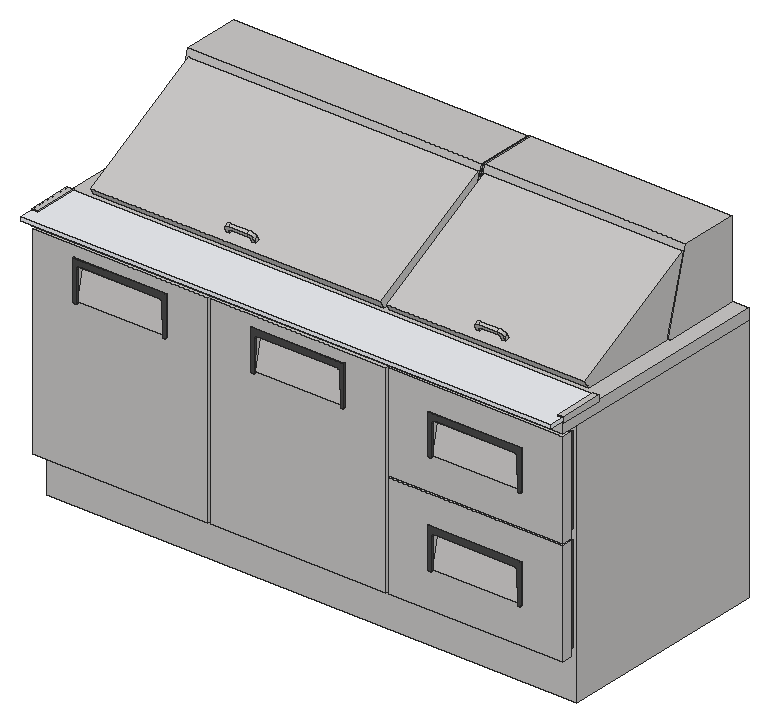
Revit family "QF_TRUE_TFP-72-30M-D-2", category Specialty Equipment, Revit 2012 (continued)
Automatic sketch dimensions
  Split face 20 sketch curve to Split face 20 sketch curve = 4 1/4"
  Split face 20 sketch curve to Extrusion 1 = 12 7/16"
  Split face 20 sketch curve to Split face 20 sketch curve = 1 1/4"
  Split face 21 sketch curve to Extrusion 1 = 1.47413"
  Split face 21 sketch curve to Split face 21 sketch curve = 4 1/4"
  Split face 21 sketch curve to Extrusion 1 = 13 15/16"
  Split face 21 sketch curve to Split face 21 sketch curve = 1 1/4"
  Split face 22 sketch curve to Extrusion 1 = 1.47413"
  Split face 22 sketch curve to Split face 22 sketch curve = 4 1/4"
  Split face 22 sketch curve to Extrusion 1 = 15 7/16"
  Split face 22 sketch curve to Split face 22 sketch curve = 1 1/4"
  Split face 23 sketch curve to Extrusion 1 = 1.47413"
  Split face 23 sketch curve to Split face 23 sketch curve = 4 1/4"
  Split face 23 sketch curve to Extrusion 1 = 16 15/16"
  Split face 23 sketch curve to Split face 23 sketch curve = 1 1/4"
  Split face 24 sketch curve to Extrusion 1 = 1.47413"
  Split face 24 sketch curve to Split face 24 sketch curve = 4 1/4"
  Split face 24 sketch curve to Extrusion 1 = 18 7/16"
  Split face 24 sketch curve to Split face 24 sketch curve = 1 1/4"
  Extrusion 11 sketch curve to Extrusion 2 = 0"  (x3)
  Extrusion 2 to Extrusion 11 sketch curve = 5/16"
  Extrusion 1 to Extrusion 13 sketch curve = 3.53427"
  Extrusion 1 to Extrusion 13 sketch curve = 3.84854"
  Split face 25 sketch curve to Extrusion 1 = 1.47413"
  Split face 25 sketch curve to Split face 25 sketch curve = 4 1/4"
  Split face 25 sketch curve to Extrusion 1 = 25 3/16"
  Split face 25 sketch curve to Split face 25 sketch curve = 1 1/4"
  Split face 26 sketch curve to Extrusion 1 = 1.47413"
  Split face 26 sketch curve to Split face 26 sketch curve = 4 1/4"
  Split face 26 sketch curve to Extrusion 1 = 26 11/16"
  Split face 26 sketch curve to Split face 26 sketch curve = 1 1/4"
  Split face 27 sketch curve to Extrusion 1 = 1.47413"
  Split face 27 sketch curve to Split face 27 sketch curve = 4 1/4"
  Split face 27 sketch curve to Extrusion 1 = 28 3/16"
  Split face 27 sketch curve to Split face 27 sketch curve = 1 1/4"
  Split face 28 sketch curve to Extrusion 1 = 1.47413"
  Split face 28 sketch curve to Split face 28 sketch curve = 4 1/4"
  Split face 28 sketch curve to Extrusion 1 = 29 11/16"
  Split face 28 sketch curve to Split face 28 sketch curve = 1 1/4"
  Split face 29 sketch curve to Extrusion 1 = 1.47413"
  Split face 29 sketch curve to Split face 29 sketch curve = 4 1/4"
  Split face 29 sketch curve to Extrusion 1 = 31 3/16"
  Split face 29 sketch curve to Split face 29 sketch curve = 1 1/4"
  Split face 30 sketch curve to Extrusion 1 = 1.47413"
  Split face 30 sketch curve to Split face 30 sketch curve = 4 1/4"
  Split face 30 sketch curve to Extrusion 1 = 31 7/16"
  Split face 30 sketch curve to Split face 30 sketch curve = 1 1/4"
  Split face 31 sketch curve to Extrusion 1 = 1.47413"
  Split face 31 sketch curve to Split face 31 sketch curve = 4 1/4"
  Split face 31 sketch curve to Extrusion 1 = 29 15/16"
  Split face 31 sketch curve to Split face 31 sketch curve = 1 1/4"
  Split face 32 sketch curve to Extrusion 1 = 1.47413"
  Split face 32 sketch curve to Split face 32 sketch curve = 4 1/4"
  Split face 32 sketch curve to Extrusion 1 = 28 7/16"
  Split face 32 sketch curve to Split face 32 sketch curve = 1 1/4"
  Split face 33 sketch curve to Extrusion 1 = 1.47413"
  Split face 33 sketch curve to Split face 33 sketch curve = 4 1/4"
  Split face 33 sketch curve to Extrusion 1 = 26 15/16"
  Split face 33 sketch curve to Split face 33 sketch curve = 1 1/4"
  Split face 34 sketch curve to Extrusion 1 = 1.47413"
  Split face 34 sketch curve to Split face 34 sketch curve = 4 1/4"
  Split face 34 sketch curve to Extrusion 1 = 25 7/16"
  Split face 34 sketch curve to Split face 34 sketch curve = 1 1/4"
  Split face 35 sketch curve to Extrusion 1 = 1.47413"
  Split face 35 sketch curve to Split face 35 sketch curve = 4 1/4"
  Split face 35 sketch curve to Extrusion 1 = 23 15/16"
  Split face 35 sketch curve to Split face 35 sketch curve = 1 1/4"
  Extrusion 14 sketch curve to plane 10 = 0"
  Extrusion 14 sketch curve to plane 6 "TOP" = 0"
  Extrusion 14 sketch curve to plane 1 "BACK" = 0"
  plane 13 to Extrusion 14 sketch curve = 0.05388"
  plane 12 to Extrusion 14 sketch curve = 0.21856"
  Extrusion 14 sketch curve to plane 12 = 0.02175"
  Extrusion 14 sketch curve to Extrusion 14 sketch curve = 1/4"
  Extrusion 15 sketch curve to plane 10 = 0"  (x2)
  Extrusion 15 sketch curve to plane 17 = 0.41439"
  plane 11 to Extrusion 15 sketch curve = 6.86557"
  Extrusion 15 sketch curve to Extrusion 15 sketch curve = 0.53006"
  Extrusion 15 sketch curve to plane 12 = 0.02175"
  plane 12 to Extrusion 15 sketch curve = 0.21856"
  Extrusion 15 sketch curve to Extrusion 15 sketch curve = 0"
  Extrusion 15 sketch curve to plane 13 = 0.19041"
  Extrusion 15 sketch curve to Extrusion 15 sketch curve = 1/4"
  Extrusion 15 sketch curve to plane 6 "TOP" = 0.85196"
  Extrusion 16 sketch curve to plane 10 = 0"
  Extrusion 16 sketch curve to plane 6 "TOP" = 0"
  Extrusion 16 sketch curve to plane 1 "BACK" = 0"
  plane 13 to Extrusion 16 sketch curve = 0.05388"
  plane 12 to Extrusion 16 sketch curve = 0.21856"
  Extrusion 16 sketch curve to plane 12 = 0.02175"
  Extrusion 16 sketch curve to Extrusion 16 sketch curve = 1/4"
  Extrusion 17 sketch curve to plane 9 "BASE" = 0"  (x2)
  plane 11 to Extrusion 17 sketch curve = 5.94589"
  plane 9 "BASE" to Extrusion 17 sketch curve = 9/16"  (x2)
  Extrusion 17 sketch curve to Extrusion 17 sketch curve = 1.18585"  (x2)
  plane 1 "BACK" to Extrusion 17 sketch curve = 3.67985"
  Extrusion 18 sketch curve to plane 9 "BASE" = 0"  (x2)
  plane 11 to Extrusion 18 sketch curve = 5.94589"
  plane 9 "BASE" to Extrusion 18 sketch curve = 9/16"  (x2)
  Extrusion 18 sketch curve to Extrusion 18 sketch curve = 1.18585"  (x2)
  plane 1 "BACK" to Extrusion 18 sketch curve = 3.67985"
  Extrusion 19 sketch curve to plane 9 "BASE" = 0"  (x2)
  plane 11 to Extrusion 19 sketch curve = 5.94589"
  plane 9 "BASE" to Extrusion 19 sketch curve = 9/16"  (x2)
  Extrusion 19 sketch curve to Extrusion 19 sketch curve = 1.18585"  (x2)
  plane 1 "BACK" to Extrusion 19 sketch curve = 3.67985"
  Extrusion 20 sketch curve to plane 9 "BASE" = 0"  (x2)
  plane 11 to Extrusion 20 sketch curve = 5.94589"
  plane 9 "BASE" to Extrusion 20 sketch curve = 9/16"  (x2)
  Extrusion 20 sketch curve to Extrusion 20 sketch curve = 1.18585"  (x2)
  plane 1 "BACK" to Extrusion 20 sketch curve = 3.67985"
  Extrusion 21 sketch curve to Extrusion 21 sketch curve = 0"  (x5)
  plane 19 to Extrusion 21 sketch curve = 11 3/4"
  Extrusion 21 sketch curve to Extrusion 21 sketch curve = 1/2"  (x3)
  Extrusion 21 sketch curve to Extrusion 21 sketch curve = 1/4"
  Extrusion 21 sketch curve to Extrusion 21 sketch curve = 2 1/2"
  Extrusion 22 sketch curve to Extrusion 22 sketch curve = 0"  (x5)
  Extrusion 22 sketch curve to plane 7 "Center Y" = 11 7/8"
  Extrusion 22 sketch curve to Extrusion 22 sketch curve = 1/2"  (x3)
  Extrusion 22 sketch curve to Extrusion 22 sketch curve = 1/4"
  Extrusion 22 sketch curve to Extrusion 22 sketch curve = 2 1/2"
  Extrusion 23 sketch curve to plane 11 = 0"
  Extrusion 23 sketch curve to Extrusion 23 sketch curve = 1"
  Extrusion 23 sketch curve to plane 16 = 0.19077"
  Extrusion 23 sketch curve to plane 10 = 4.15778"
  Split face 36 sketch curve to Extrusion 1 = 1.47413"
  Split face 36 sketch curve to Split face 36 sketch curve = 4 1/4"
  Split face 36 sketch curve to Extrusion 1 = 35 15/16"
  Split face 36 sketch curve to Split face 36 sketch curve = 1 1/4"
  Split face 37 sketch curve to Extrusion 1 = 1.47413"
  Split face 37 sketch curve to Split face 37 sketch curve = 4 1/4"
  Split face 37 sketch curve to Extrusion 1 = 34 7/16"
  Split face 37 sketch curve to Split face 37 sketch curve = 1 1/4"
  Split face 38 sketch curve to Extrusion 1 = 1.47413"
  Split face 38 sketch curve to Split face 38 sketch curve = 4 1/4"
  Split face 38 sketch curve to Extrusion 1 = 32 15/16"
  Split face 38 sketch curve to Split face 38 sketch curve = 1 1/4"
  curve 5 to plane 18 = 1 29/32"
  Extrusion 12 sketch curve to Extrusion 2 = 0"  (x4)
  Extrusion 2 to Extrusion 12 sketch curve = 22 15/32"  (x2)
  Extrusion 2 to Extrusion 12 sketch curve = 0.04699"
  Extrusion 12 sketch curve to Extrusion 2 = 0.02668"
  Extrusion 12 sketch curve to Extrusion 2 = 5/16"
  Extrusion 12 sketch curve to Extrusion 12 sketch curve = 23 55/64"
  plane 24 to curve 100 = 0"
  curve 100 to plane 11 = 2 1/32"
  curve 101 to plane 11 = 2 1/32"
  plane 11 to curve 101 = 1.46199"
  curve 4 to curve 101 = 0.49745"
  curve 100 to plane 7 "Center Y" = 11 53/64"
  radius of Extrusion 13 sketch curve = 1/2"
Connectors (in)
  electrical at (68.27646, 0.25, 4.28427), driven by "Volts", driven by "Watts"
    settings: on Extrusion 13, index 1, voltage 115 V, apparent load 0 VA, apparent load phase1 0 VA, apparent load phase2 0 VA, apparent load phase3 0 VA, power factor 1, load classification "Other", number of poles 1, system type 30, power factor state 1, is connector primary yes, connector utility no, sub classification motor no, connector description "ELECTRICAL CONNECTION"
